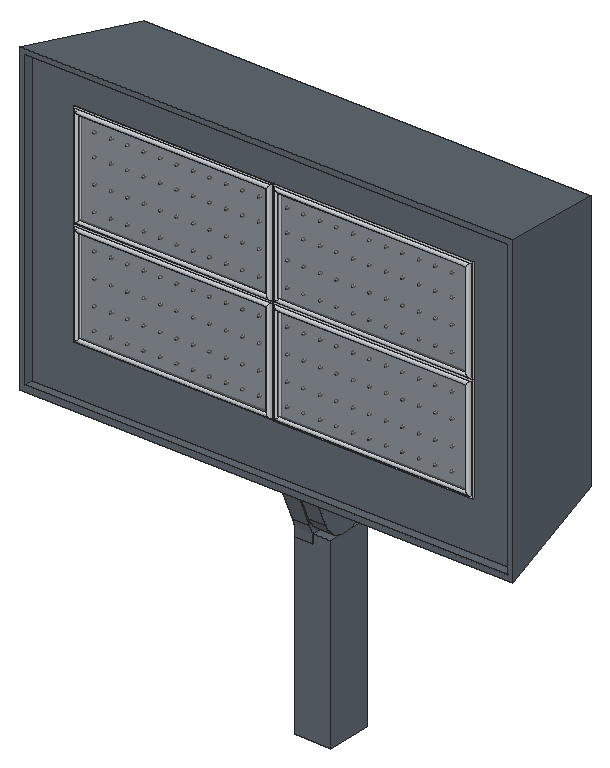
Revit family "RFL4", category Lighting Fixtures, host Face, Revit 2021 (continued)
Definition of nested family "RFL"
  Forms (in)
    Revolve 113, solid, material <- "LED_Finish"
      sketch origin (0.07668, 1.25709, 4.02928) x (0, -1, 0) y (1, 0, 0)
        loop
          arc (2.82075, -4.15296) -> (2.81024, -4.12758) -> (2.78486, -4.11707) r 0.03589
          line (2.78486, -4.11707) -> (2.73985, -4.11707) -> (2.73985, -4.15296)
        axis (2.73985, -4.15296) -> (2.82075, -4.15296)
      angle from 0 to 360
    Revolve 114, solid, material <- "LED_Finish"
      sketch origin (0.53689, 1.25709, 2.02928) x (0, -1, 0) y (1, 0, 0)
        loop
          line (2.73985, -4.15296) -> (2.82075, -4.15296)
          arc (2.82075, -4.15296) -> (2.81024, -4.12758) -> (2.78486, -4.11707) r 0.03589
          line (2.78486, -4.11707) -> (2.73985, -4.11707) -> (2.73985, -4.15296)
        axis (2.73985, -4.15296) -> (2.82075, -4.15296)
      angle from 0 to 360
    Revolve 115, solid, material <- "LED_Finish"
      sketch origin (0.53689, 1.25709, 2.65428) x (0, -1, 0) y (1, 0, 0)
        loop
          line (2.73985, -4.15296) -> (2.82075, -4.15296)
          arc (2.82075, -4.15296) -> (2.81024, -4.12758) -> (2.78486, -4.11707) r 0.03589
          line (2.78486, -4.11707) -> (2.73985, -4.11707) -> (2.73985, -4.15296)
        axis (2.73985, -4.15296) -> (2.82075, -4.15296)
      angle from 0 to 360
    Revolve 116, solid, material <- "LED_Finish"
      sketch origin (0.53689, 1.25709, 3.34178) x (0, -1, 0) y (1, 0, 0)
        loop
          line (2.73985, -4.15296) -> (2.82075, -4.15296)
          arc (2.82075, -4.15296) -> (2.81024, -4.12758) -> (2.78486, -4.11707) r 0.03589
          line (2.78486, -4.11707) -> (2.73985, -4.11707) -> (2.73985, -4.15296)
        axis (2.73985, -4.15296) -> (2.82075, -4.15296)
      angle from 0 to 360
    Revolve 117, solid, material <- "LED_Finish"
      sketch origin (0.53689, 1.25709, 4.02928) x (0, -1, 0) y (1, 0, 0)
        loop
          line (2.73985, -4.15296) -> (2.82075, -4.15296)
          arc (2.82075, -4.15296) -> (2.81024, -4.12758) -> (2.78486, -4.11707) r 0.03589
          line (2.78486, -4.11707) -> (2.73985, -4.11707) -> (2.73985, -4.15296)
        axis (2.73985, -4.15296) -> (2.82075, -4.15296)
      angle from 0 to 360
    Revolve 118, solid, material <- "LED_Finish"
      sketch origin (0.99711, 1.25709, 2.02928) x (0, -1, 0) y (1, 0, 0)
        loop
          line (2.73985, -4.15296) -> (2.82075, -4.15296)
          arc (2.82075, -4.15296) -> (2.81024, -4.12758) -> (2.78486, -4.11707) r 0.03589
          line (2.78486, -4.11707) -> (2.73985, -4.11707) -> (2.73985, -4.15296)
        axis (2.73985, -4.15296) -> (2.82075, -4.15296)
      angle from 0 to 360
    Revolve 119, solid, material <- "LED_Finish"
      sketch origin (0.99711, 1.25709, 2.65428) x (0, -1, 0) y (1, 0, 0)
        loop
          line (2.73985, -4.15296) -> (2.82075, -4.15296)
          arc (2.82075, -4.15296) -> (2.81024, -4.12758) -> (2.78486, -4.11707) r 0.03589
          line (2.78486, -4.11707) -> (2.73985, -4.11707) -> (2.73985, -4.15296)
        axis (2.73985, -4.15296) -> (2.82075, -4.15296)
      angle from 0 to 360
    Revolve 120, solid, material <- "LED_Finish"
      sketch origin (0.99711, 1.25709, 3.34178) x (0, -1, 0) y (1, 0, 0)
        loop
          line (2.73985, -4.15296) -> (2.82075, -4.15296)
          arc (2.82075, -4.15296) -> (2.81024, -4.12758) -> (2.78486, -4.11707) r 0.03589
          line (2.78486, -4.11707) -> (2.73985, -4.11707) -> (2.73985, -4.15296)
        axis (2.73985, -4.15296) -> (2.82075, -4.15296)
      angle from 0 to 360
    Revolve 121, solid, material <- "LED_Finish"
      sketch origin (0.99711, 1.25709, 4.02928) x (0, -1, 0) y (1, 0, 0)
        loop
          line (2.73985, -4.15296) -> (2.82075, -4.15296)
          arc (2.82075, -4.15296) -> (2.81024, -4.12758) -> (2.78486, -4.11707) r 0.03589
          line (2.78486, -4.11707) -> (2.73985, -4.11707) -> (2.73985, -4.15296)
        axis (2.73985, -4.15296) -> (2.82075, -4.15296)
      angle from 0 to 360
    Revolve 122, solid, material <- "LED_Finish"
      sketch origin (1.45732, 1.25709, 2.02928) x (0, -1, 0) y (1, 0, 0)
        loop
          line (2.73985, -4.15296) -> (2.82075, -4.15296)
          arc (2.82075, -4.15296) -> (2.81024, -4.12758) -> (2.78486, -4.11707) r 0.03589
          line (2.78486, -4.11707) -> (2.73985, -4.11707) -> (2.73985, -4.15296)
        axis (2.73985, -4.15296) -> (2.82075, -4.15296)
      angle from 0 to 360
    Revolve 123, solid, material <- "LED_Finish"
      sketch origin (1.45732, 1.25709, 2.65428) x (0, -1, 0) y (1, 0, 0)
        loop
          line (2.73985, -4.15296) -> (2.82075, -4.15296)
          arc (2.82075, -4.15296) -> (2.81024, -4.12758) -> (2.78486, -4.11707) r 0.03589
          line (2.78486, -4.11707) -> (2.73985, -4.11707) -> (2.73985, -4.15296)
        axis (2.73985, -4.15296) -> (2.82075, -4.15296)
      angle from 0 to 360
    Revolve 124, solid, material <- "LED_Finish"
      sketch origin (1.45732, 1.25709, 3.34178) x (0, -1, 0) y (1, 0, 0)
        loop
          line (2.73985, -4.15296) -> (2.82075, -4.15296)
          arc (2.82075, -4.15296) -> (2.81024, -4.12758) -> (2.78486, -4.11707) r 0.03589
          line (2.78486, -4.11707) -> (2.73985, -4.11707) -> (2.73985, -4.15296)
        axis (2.73985, -4.15296) -> (2.82075, -4.15296)
      angle from 0 to 360
    Revolve 125, solid, material <- "LED_Finish"
      sketch origin (1.45732, 1.25709, 4.02928) x (0, -1, 0) y (1, 0, 0)
        loop
          line (2.73985, -4.15296) -> (2.82075, -4.15296)
          arc (2.82075, -4.15296) -> (2.81024, -4.12758) -> (2.78486, -4.11707) r 0.03589
          line (2.78486, -4.11707) -> (2.73985, -4.11707) -> (2.73985, -4.15296)
        axis (2.73985, -4.15296) -> (2.82075, -4.15296)
      angle from 0 to 360
    Revolve 126, solid, material <- "LED_Finish"
      sketch origin (1.91754, 1.25709, 2.02928) x (0, -1, 0) y (1, 0, 0)
        loop
          line (2.73985, -4.15296) -> (2.82075, -4.15296)
          arc (2.82075, -4.15296) -> (2.81024, -4.12758) -> (2.78486, -4.11707) r 0.03589
          line (2.78486, -4.11707) -> (2.73985, -4.11707) -> (2.73985, -4.15296)
        axis (2.73985, -4.15296) -> (2.82075, -4.15296)
      angle from 0 to 360
    Revolve 127, solid, material <- "LED_Finish"
      sketch origin (1.91754, 1.25709, 2.65428) x (0, -1, 0) y (1, 0, 0)
        loop
          line (2.73985, -4.15296) -> (2.82075, -4.15296)
          arc (2.82075, -4.15296) -> (2.81024, -4.12758) -> (2.78486, -4.11707) r 0.03589
          line (2.78486, -4.11707) -> (2.73985, -4.11707) -> (2.73985, -4.15296)
        axis (2.73985, -4.15296) -> (2.82075, -4.15296)
      angle from 0 to 360
    Revolve 128, solid, material <- "LED_Finish"
      sketch origin (1.91754, 1.25709, 3.34178) x (0, -1, 0) y (1, 0, 0)
        loop
          line (2.73985, -4.15296) -> (2.82075, -4.15296)
          arc (2.82075, -4.15296) -> (2.81024, -4.12758) -> (2.78486, -4.11707) r 0.03589
          line (2.78486, -4.11707) -> (2.73985, -4.11707) -> (2.73985, -4.15296)
        axis (2.73985, -4.15296) -> (2.82075, -4.15296)
      angle from 0 to 360
    Revolve 129, solid, material <- "LED_Finish"
      sketch origin (1.91754, 1.25709, 4.02928) x (0, -1, 0) y (1, 0, 0)
        loop
          line (2.73985, -4.15296) -> (2.82075, -4.15296)
          arc (2.82075, -4.15296) -> (2.81024, -4.12758) -> (2.78486, -4.11707) r 0.03589
          line (2.78486, -4.11707) -> (2.73985, -4.11707) -> (2.73985, -4.15296)
        axis (2.73985, -4.15296) -> (2.82075, -4.15296)
      angle from 0 to 360
    Revolve 130, solid, material <- "LED_Finish"
      sketch origin (2.37775, 1.25709, 2.02928) x (0, -1, 0) y (1, 0, 0)
        loop
          line (2.73985, -4.15296) -> (2.82075, -4.15296)
          arc (2.82075, -4.15296) -> (2.81024, -4.12758) -> (2.78486, -4.11707) r 0.03589
          line (2.78486, -4.11707) -> (2.73985, -4.11707) -> (2.73985, -4.15296)
        axis (2.73985, -4.15296) -> (2.82075, -4.15296)
      angle from 0 to 360
    Revolve 131, solid, material <- "LED_Finish"
      sketch origin (2.37775, 1.25709, 2.65428) x (0, -1, 0) y (1, 0, 0)
        loop
          line (2.73985, -4.15296) -> (2.82075, -4.15296)
          arc (2.82075, -4.15296) -> (2.81024, -4.12758) -> (2.78486, -4.11707) r 0.03589
          line (2.78486, -4.11707) -> (2.73985, -4.11707) -> (2.73985, -4.15296)
        axis (2.73985, -4.15296) -> (2.82075, -4.15296)
      angle from 0 to 360
    Revolve 132, solid, material <- "LED_Finish"
      sketch origin (2.37775, 1.25709, 3.34178) x (0, -1, 0) y (1, 0, 0)
        loop
          line (2.73985, -4.15296) -> (2.82075, -4.15296)
          arc (2.82075, -4.15296) -> (2.81024, -4.12758) -> (2.78486, -4.11707) r 0.03589
          line (2.78486, -4.11707) -> (2.73985, -4.11707) -> (2.73985, -4.15296)
        axis (2.73985, -4.15296) -> (2.82075, -4.15296)
      angle from 0 to 360
    Revolve 133, solid, material <- "LED_Finish"
      sketch origin (2.37775, 1.25709, 4.02928) x (0, -1, 0) y (1, 0, 0)
        loop
          line (2.73985, -4.15296) -> (2.82075, -4.15296)
          arc (2.82075, -4.15296) -> (2.81024, -4.12758) -> (2.78486, -4.11707) r 0.03589
          line (2.78486, -4.11707) -> (2.73985, -4.11707) -> (2.73985, -4.15296)
        axis (2.73985, -4.15296) -> (2.82075, -4.15296)
      angle from 0 to 360
    Revolve 134, solid, material <- "LED_Finish"
      sketch origin (2.83797, 1.25709, 2.02928) x (0, -1, 0) y (1, 0, 0)
        loop
          line (2.73985, -4.15296) -> (2.82075, -4.15296)
          arc (2.82075, -4.15296) -> (2.81024, -4.12758) -> (2.78486, -4.11707) r 0.03589
          line (2.78486, -4.11707) -> (2.73985, -4.11707) -> (2.73985, -4.15296)
        axis (2.73985, -4.15296) -> (2.82075, -4.15296)
      angle from 0 to 360
    Revolve 135, solid, material <- "LED_Finish"
      sketch origin (2.83797, 1.25709, 2.65428) x (0, -1, 0) y (1, 0, 0)
        loop
          line (2.73985, -4.15296) -> (2.82075, -4.15296)
          arc (2.82075, -4.15296) -> (2.81024, -4.12758) -> (2.78486, -4.11707) r 0.03589
          line (2.78486, -4.11707) -> (2.73985, -4.11707) -> (2.73985, -4.15296)
        axis (2.73985, -4.15296) -> (2.82075, -4.15296)
      angle from 0 to 360
    Revolve 136, solid, material <- "LED_Finish"
      sketch origin (2.83797, 1.25709, 3.34178) x (0, -1, 0) y (1, 0, 0)
        loop
          line (2.73985, -4.15296) -> (2.82075, -4.15296)
          arc (2.82075, -4.15296) -> (2.81024, -4.12758) -> (2.78486, -4.11707) r 0.03589
          line (2.78486, -4.11707) -> (2.73985, -4.11707) -> (2.73985, -4.15296)
        axis (2.73985, -4.15296) -> (2.82075, -4.15296)
      angle from 0 to 360
    Revolve 137, solid, material <- "LED_Finish"
      sketch origin (2.83797, 1.25709, 4.02928) x (0, -1, 0) y (1, 0, 0)
        loop
          line (2.73985, -4.15296) -> (2.82075, -4.15296)
          arc (2.82075, -4.15296) -> (2.81024, -4.12758) -> (2.78486, -4.11707) r 0.03589
          line (2.78486, -4.11707) -> (2.73985, -4.11707) -> (2.73985, -4.15296)
        axis (2.73985, -4.15296) -> (2.82075, -4.15296)
      angle from 0 to 360
    Revolve 138, solid, material <- "LED_Finish"
      sketch origin (3.29818, 1.25709, 2.02928) x (0, -1, 0) y (1, 0, 0)
        loop
          line (2.73985, -4.15296) -> (2.82075, -4.15296)
          arc (2.82075, -4.15296) -> (2.81024, -4.12758) -> (2.78486, -4.11707) r 0.03589
          line (2.78486, -4.11707) -> (2.73985, -4.11707) -> (2.73985, -4.15296)
        axis (2.73985, -4.15296) -> (2.82075, -4.15296)
      angle from 0 to 360
    Revolve 139, solid, material <- "LED_Finish"
      sketch origin (3.29818, 1.25709, 2.65428) x (0, -1, 0) y (1, 0, 0)
        loop
          line (2.73985, -4.15296) -> (2.82075, -4.15296)
          arc (2.82075, -4.15296) -> (2.81024, -4.12758) -> (2.78486, -4.11707) r 0.03589
          line (2.78486, -4.11707) -> (2.73985, -4.11707) -> (2.73985, -4.15296)
        axis (2.73985, -4.15296) -> (2.82075, -4.15296)
      angle from 0 to 360
    Revolve 140, solid, material <- "LED_Finish"
      sketch origin (3.29818, 1.25709, 3.34178) x (0, -1, 0) y (1, 0, 0)
        loop
          line (2.73985, -4.15296) -> (2.82075, -4.15296)
          arc (2.82075, -4.15296) -> (2.81024, -4.12758) -> (2.78486, -4.11707) r 0.03589
          line (2.78486, -4.11707) -> (2.73985, -4.11707) -> (2.73985, -4.15296)
        axis (2.73985, -4.15296) -> (2.82075, -4.15296)
      angle from 0 to 360
    Revolve 141, solid, material <- "LED_Finish"
      sketch origin (3.29818, 1.25709, 4.02928) x (0, -1, 0) y (1, 0, 0)
        loop
          line (2.73985, -4.15296) -> (2.82075, -4.15296)
          arc (2.82075, -4.15296) -> (2.81024, -4.12758) -> (2.78486, -4.11707) r 0.03589
          line (2.78486, -4.11707) -> (2.73985, -4.11707) -> (2.73985, -4.15296)
        axis (2.73985, -4.15296) -> (2.82075, -4.15296)
      angle from 0 to 360
    Extrusion 142, solid, material <- "LED Base Plate"
      sketch origin (0, 0, 9.04202) x (-1, 0, 0) y (0, 0, -1)
        loop
          line (-5.41133, 4.68111) -> (-0.16904, 4.68111) -> (-0.16904, 7.32037) -> (-5.41133, 7.32037) -> (-5.41133, 4.68111)
      from 1.56737 to 1.49135
    Sweep 143, solid
      path origin (0, -1.48379, 9.04202) x (-1, 0, 0) y (0, 0, -1)
        loop
          line (-5.57144, 7.48047) -> (-5.57144, 4.52101) -> (-0.00894, 4.52101) -> (-0.00894, 7.48047) -> (-5.57144, 7.48047)
      profile origin (2.79019, -1.48379, 1.56154) x (0, 0, -1) y (0, -1, 0)
        loop
          line (0, 0) -> (0, 0.03881) -> (-0.04662, 0.03881)
          arc (-0.04662, 0.03881) -> (-0.09916, 0.10354) -> (-0.1601, 0.04666) r 0.05701
          line (-0.1601, 0.04666) -> (-0.1601, 0) -> (0, 0)
    Revolve 144, solid, material <- "LED_Finish"
      sketch origin (0.84375, 1.25709, 2.02928) x (0, 1, 0) y (-1, 0, 0)
        loop
          line (-2.73985, -4.15296) -> (-2.73985, -4.11707) -> (-2.78486, -4.11707)
          arc (-2.78486, -4.11707) -> (-2.81024, -4.12758) -> (-2.82075, -4.15296) r 0.03589
          line (-2.82075, -4.15296) -> (-2.73985, -4.15296)
        axis (-2.73985, -4.15296) -> (-2.82075, -4.15296)
      angle from 0 to 360
    Revolve 145, solid, material <- "LED_Finish"
      sketch origin (0.84375, 1.25709, 2.65428) x (0, 1, 0) y (-1, 0, 0)
        loop
          line (-2.73985, -4.15296) -> (-2.73985, -4.11707) -> (-2.78486, -4.11707)
          arc (-2.78486, -4.11707) -> (-2.81024, -4.12758) -> (-2.82075, -4.15296) r 0.03589
          line (-2.82075, -4.15296) -> (-2.73985, -4.15296)
        axis (-2.73985, -4.15296) -> (-2.82075, -4.15296)
      angle from 0 to 360
    Revolve 146, solid, material <- "LED_Finish"
      sketch origin (0.84375, 1.25709, 3.34178) x (0, 1, 0) y (-1, 0, 0)
        loop
          line (-2.73985, -4.15296) -> (-2.73985, -4.11707) -> (-2.78486, -4.11707)
          arc (-2.78486, -4.11707) -> (-2.81024, -4.12758) -> (-2.82075, -4.15296) r 0.03589
          line (-2.82075, -4.15296) -> (-2.73985, -4.15296)
        axis (-2.73985, -4.15296) -> (-2.82075, -4.15296)
      angle from 0 to 360
    Revolve 147, solid, material <- "LED_Finish"
      sketch origin (0.84375, 1.25709, 4.02928) x (0, 1, 0) y (-1, 0, 0)
        loop
          line (-2.73985, -4.15296) -> (-2.73985, -4.11707) -> (-2.78486, -4.11707)
          arc (-2.78486, -4.11707) -> (-2.81024, -4.12758) -> (-2.82075, -4.15296) r 0.03589
          line (-2.82075, -4.15296) -> (-2.73985, -4.15296)
        axis (-2.73985, -4.15296) -> (-2.82075, -4.15296)
      angle from 0 to 360
    Revolve 148, solid, material <- "LED_Finish"
      sketch origin (-3.7584, 1.25709, 2.02928) x (0, 1, 0) y (-1, 0, 0)
        loop
          line (-2.73985, -4.15296) -> (-2.73985, -4.11707) -> (-2.78486, -4.11707)
          arc (-2.78486, -4.11707) -> (-2.81024, -4.12758) -> (-2.82075, -4.15296) r 0.03589
          line (-2.82075, -4.15296) -> (-2.73985, -4.15296)
        axis (-2.73985, -4.15296) -> (-2.82075, -4.15296)
      angle from 0 to 360
    Revolve 149, solid, material <- "LED_Finish"
      sketch origin (-3.7584, 1.25709, 2.65428) x (0, 1, 0) y (-1, 0, 0)
        loop
          line (-2.73985, -4.15296) -> (-2.73985, -4.11707) -> (-2.78486, -4.11707)
          arc (-2.78486, -4.11707) -> (-2.81024, -4.12758) -> (-2.82075, -4.15296) r 0.03589
          line (-2.82075, -4.15296) -> (-2.73985, -4.15296)
        axis (-2.73985, -4.15296) -> (-2.82075, -4.15296)
      angle from 0 to 360
    Revolve 150, solid, material <- "LED_Finish"
      sketch origin (-3.7584, 1.25709, 3.34178) x (0, 1, 0) y (-1, 0, 0)
        loop
          line (-2.73985, -4.15296) -> (-2.73985, -4.11707) -> (-2.78486, -4.11707)
          arc (-2.78486, -4.11707) -> (-2.81024, -4.12758) -> (-2.82075, -4.15296) r 0.03589
          line (-2.82075, -4.15296) -> (-2.73985, -4.15296)
        axis (-2.73985, -4.15296) -> (-2.82075, -4.15296)
      angle from 0 to 360
    Revolve 151, solid, material <- "LED_Finish"
      sketch origin (-3.7584, 1.25709, 4.02928) x (0, 1, 0) y (-1, 0, 0)
        loop
          line (-2.73985, -4.15296) -> (-2.73985, -4.11707) -> (-2.78486, -4.11707)
          arc (-2.78486, -4.11707) -> (-2.81024, -4.12758) -> (-2.82075, -4.15296) r 0.03589
          line (-2.82075, -4.15296) -> (-2.73985, -4.15296)
        axis (-2.73985, -4.15296) -> (-2.82075, -4.15296)
      angle from 0 to 360
    Revolve 152, solid, material <- "LED_Finish"
      sketch origin (0.38354, 1.25709, 2.02928) x (0, 1, 0) y (-1, 0, 0)
        loop
          line (-2.73985, -4.15296) -> (-2.73985, -4.11707) -> (-2.78486, -4.11707)
          arc (-2.78486, -4.11707) -> (-2.81024, -4.12758) -> (-2.82075, -4.15296) r 0.03589
          line (-2.82075, -4.15296) -> (-2.73985, -4.15296)
        axis (-2.73985, -4.15296) -> (-2.82075, -4.15296)
      angle from 0 to 360
    Revolve 153, solid, material <- "LED_Finish"
      sketch origin (0.38354, 1.25709, 2.65428) x (0, 1, 0) y (-1, 0, 0)
        loop
          line (-2.73985, -4.15296) -> (-2.73985, -4.11707) -> (-2.78486, -4.11707)
          arc (-2.78486, -4.11707) -> (-2.81024, -4.12758) -> (-2.82075, -4.15296) r 0.03589
          line (-2.82075, -4.15296) -> (-2.73985, -4.15296)
        axis (-2.73985, -4.15296) -> (-2.82075, -4.15296)
      angle from 0 to 360
    Revolve 154, solid, material <- "LED_Finish"
      sketch origin (0.38354, 1.25709, 3.34178) x (0, 1, 0) y (-1, 0, 0)
        loop
          line (-2.73985, -4.15296) -> (-2.73985, -4.11707) -> (-2.78486, -4.11707)
          arc (-2.78486, -4.11707) -> (-2.81024, -4.12758) -> (-2.82075, -4.15296) r 0.03589
          line (-2.82075, -4.15296) -> (-2.73985, -4.15296)
        axis (-2.73985, -4.15296) -> (-2.82075, -4.15296)
      angle from 0 to 360
    Revolve 155, solid, material <- "LED_Finish"
      sketch origin (0.38354, 1.25709, 4.02928) x (0, 1, 0) y (-1, 0, 0)
        loop
          line (-2.73985, -4.15296) -> (-2.73985, -4.11707) -> (-2.78486, -4.11707)
          arc (-2.78486, -4.11707) -> (-2.81024, -4.12758) -> (-2.82075, -4.15296) r 0.03589
          line (-2.82075, -4.15296) -> (-2.73985, -4.15296)
        axis (-2.73985, -4.15296) -> (-2.82075, -4.15296)
      angle from 0 to 360
    Revolve 156, solid, material <- "LED_Finish"
      sketch origin (-0.07668, 1.25709, 2.02928) x (0, 1, 0) y (-1, 0, 0)
        loop
          line (-2.73985, -4.15296) -> (-2.73985, -4.11707) -> (-2.78486, -4.11707)
          arc (-2.78486, -4.11707) -> (-2.81024, -4.12758) -> (-2.82075, -4.15296) r 0.03589
          line (-2.82075, -4.15296) -> (-2.73985, -4.15296)
        axis (-2.73985, -4.15296) -> (-2.82075, -4.15296)
      angle from 0 to 360
    Revolve 157, solid, material <- "LED_Finish"
      sketch origin (-0.07668, 1.25709, 2.65428) x (0, 1, 0) y (-1, 0, 0)
        loop
          line (-2.73985, -4.15296) -> (-2.73985, -4.11707) -> (-2.78486, -4.11707)
          arc (-2.78486, -4.11707) -> (-2.81024, -4.12758) -> (-2.82075, -4.15296) r 0.03589
          line (-2.82075, -4.15296) -> (-2.73985, -4.15296)
        axis (-2.73985, -4.15296) -> (-2.82075, -4.15296)
      angle from 0 to 360
    Revolve 158, solid, material <- "LED_Finish"
      sketch origin (-0.07668, 1.25709, 3.34178) x (0, 1, 0) y (-1, 0, 0)
        loop
          line (-2.73985, -4.15296) -> (-2.73985, -4.11707) -> (-2.78486, -4.11707)
          arc (-2.78486, -4.11707) -> (-2.81024, -4.12758) -> (-2.82075, -4.15296) r 0.03589
          line (-2.82075, -4.15296) -> (-2.73985, -4.15296)
        axis (-2.73985, -4.15296) -> (-2.82075, -4.15296)
      angle from 0 to 360
    Revolve 159, solid, material <- "LED_Finish"
      sketch origin (-0.07668, 1.25709, 4.02928) x (0, 1, 0) y (-1, 0, 0)
        loop
          line (-2.73985, -4.15296) -> (-2.73985, -4.11707) -> (-2.78486, -4.11707)
          arc (-2.78486, -4.11707) -> (-2.81024, -4.12758) -> (-2.82075, -4.15296) r 0.03589
          line (-2.82075, -4.15296) -> (-2.73985, -4.15296)
        axis (-2.73985, -4.15296) -> (-2.82075, -4.15296)
      angle from 0 to 360
    Revolve 160, solid, material <- "LED_Finish"
      sketch origin (-0.53689, 1.25709, 2.02928) x (0, 1, 0) y (-1, 0, 0)
        loop
          line (-2.73985, -4.15296) -> (-2.73985, -4.11707) -> (-2.78486, -4.11707)
          arc (-2.78486, -4.11707) -> (-2.81024, -4.12758) -> (-2.82075, -4.15296) r 0.03589
          line (-2.82075, -4.15296) -> (-2.73985, -4.15296)
        axis (-2.73985, -4.15296) -> (-2.82075, -4.15296)
      angle from 0 to 360
    Revolve 161, solid, material <- "LED_Finish"
      sketch origin (-0.53689, 1.25709, 2.65428) x (0, 1, 0) y (-1, 0, 0)
        loop
          line (-2.73985, -4.15296) -> (-2.73985, -4.11707) -> (-2.78486, -4.11707)
          arc (-2.78486, -4.11707) -> (-2.81024, -4.12758) -> (-2.82075, -4.15296) r 0.03589
          line (-2.82075, -4.15296) -> (-2.73985, -4.15296)
        axis (-2.73985, -4.15296) -> (-2.82075, -4.15296)
      angle from 0 to 360
    Revolve 162, solid, material <- "LED_Finish"
      sketch origin (-0.53689, 1.25709, 3.34178) x (0, 1, 0) y (-1, 0, 0)
        loop
          line (-2.73985, -4.15296) -> (-2.73985, -4.11707) -> (-2.78486, -4.11707)
          arc (-2.78486, -4.11707) -> (-2.81024, -4.12758) -> (-2.82075, -4.15296) r 0.03589
          line (-2.82075, -4.15296) -> (-2.73985, -4.15296)
        axis (-2.73985, -4.15296) -> (-2.82075, -4.15296)
      angle from 0 to 360
    Revolve 163, solid, material <- "LED_Finish"
      sketch origin (-0.53689, 1.25709, 4.02928) x (0, 1, 0) y (-1, 0, 0)
        loop
          line (-2.73985, -4.15296) -> (-2.73985, -4.11707) -> (-2.78486, -4.11707)
          arc (-2.78486, -4.11707) -> (-2.81024, -4.12758) -> (-2.82075, -4.15296) r 0.03589
          line (-2.82075, -4.15296) -> (-2.73985, -4.15296)
        axis (-2.73985, -4.15296) -> (-2.82075, -4.15296)
      angle from 0 to 360
    Revolve 164, solid, material <- "LED_Finish"
      sketch origin (-0.99711, 1.25709, 2.02928) x (0, 1, 0) y (-1, 0, 0)
        loop
          line (-2.73985, -4.15296) -> (-2.73985, -4.11707) -> (-2.78486, -4.11707)
          arc (-2.78486, -4.11707) -> (-2.81024, -4.12758) -> (-2.82075, -4.15296) r 0.03589
          line (-2.82075, -4.15296) -> (-2.73985, -4.15296)
        axis (-2.73985, -4.15296) -> (-2.82075, -4.15296)
      angle from 0 to 360
    Revolve 165, solid, material <- "LED_Finish"
      sketch origin (-0.99711, 1.25709, 2.65428) x (0, 1, 0) y (-1, 0, 0)
        loop
          line (-2.73985, -4.15296) -> (-2.73985, -4.11707) -> (-2.78486, -4.11707)
          arc (-2.78486, -4.11707) -> (-2.81024, -4.12758) -> (-2.82075, -4.15296) r 0.03589
          line (-2.82075, -4.15296) -> (-2.73985, -4.15296)
        axis (-2.73985, -4.15296) -> (-2.82075, -4.15296)
      angle from 0 to 360
    Revolve 166, solid, material <- "LED_Finish"
      sketch origin (-0.99711, 1.25709, 3.34178) x (0, 1, 0) y (-1, 0, 0)
        loop
          line (-2.73985, -4.15296) -> (-2.73985, -4.11707) -> (-2.78486, -4.11707)
          arc (-2.78486, -4.11707) -> (-2.81024, -4.12758) -> (-2.82075, -4.15296) r 0.03589
          line (-2.82075, -4.15296) -> (-2.73985, -4.15296)
        axis (-2.73985, -4.15296) -> (-2.82075, -4.15296)
      angle from 0 to 360
    Revolve 167, solid, material <- "LED_Finish"
      sketch origin (-0.99711, 1.25709, 4.02928) x (0, 1, 0) y (-1, 0, 0)
        loop
          line (-2.73985, -4.15296) -> (-2.73985, -4.11707) -> (-2.78486, -4.11707)
          arc (-2.78486, -4.11707) -> (-2.81024, -4.12758) -> (-2.82075, -4.15296) r 0.03589
          line (-2.82075, -4.15296) -> (-2.73985, -4.15296)
        axis (-2.73985, -4.15296) -> (-2.82075, -4.15296)
      angle from 0 to 360
    Revolve 168, solid, material <- "LED_Finish"
      sketch origin (-1.45732, 1.25709, 2.02928) x (0, 1, 0) y (-1, 0, 0)
        loop
          line (-2.73985, -4.15296) -> (-2.73985, -4.11707) -> (-2.78486, -4.11707)
          arc (-2.78486, -4.11707) -> (-2.81024, -4.12758) -> (-2.82075, -4.15296) r 0.03589
          line (-2.82075, -4.15296) -> (-2.73985, -4.15296)
        axis (-2.73985, -4.15296) -> (-2.82075, -4.15296)
      angle from 0 to 360
    Revolve 169, solid, material <- "LED_Finish"
      sketch origin (-1.45732, 1.25709, 2.65428) x (0, 1, 0) y (-1, 0, 0)
        loop
          line (-2.73985, -4.15296) -> (-2.73985, -4.11707) -> (-2.78486, -4.11707)
          arc (-2.78486, -4.11707) -> (-2.81024, -4.12758) -> (-2.82075, -4.15296) r 0.03589
          line (-2.82075, -4.15296) -> (-2.73985, -4.15296)
        axis (-2.73985, -4.15296) -> (-2.82075, -4.15296)
      angle from 0 to 360
    Revolve 170, solid, material <- "LED_Finish"
      sketch origin (-1.45732, 1.25709, 3.34178) x (0, 1, 0) y (-1, 0, 0)
        loop
          line (-2.73985, -4.15296) -> (-2.73985, -4.11707) -> (-2.78486, -4.11707)
          arc (-2.78486, -4.11707) -> (-2.81024, -4.12758) -> (-2.82075, -4.15296) r 0.03589
          line (-2.82075, -4.15296) -> (-2.73985, -4.15296)
        axis (-2.73985, -4.15296) -> (-2.82075, -4.15296)
      angle from 0 to 360
    Revolve 171, solid, material <- "LED_Finish"
      sketch origin (-1.45732, 1.25709, 4.02928) x (0, 1, 0) y (-1, 0, 0)
        loop
          line (-2.73985, -4.15296) -> (-2.73985, -4.11707) -> (-2.78486, -4.11707)
          arc (-2.78486, -4.11707) -> (-2.81024, -4.12758) -> (-2.82075, -4.15296) r 0.03589
          line (-2.82075, -4.15296) -> (-2.73985, -4.15296)
        axis (-2.73985, -4.15296) -> (-2.82075, -4.15296)
      angle from 0 to 360
    Revolve 172, solid, material <- "LED_Finish"
      sketch origin (-1.91754, 1.25709, 2.02928) x (0, 1, 0) y (-1, 0, 0)
        loop
          line (-2.73985, -4.15296) -> (-2.73985, -4.11707) -> (-2.78486, -4.11707)
          arc (-2.78486, -4.11707) -> (-2.81024, -4.12758) -> (-2.82075, -4.15296) r 0.03589
          line (-2.82075, -4.15296) -> (-2.73985, -4.15296)
        axis (-2.73985, -4.15296) -> (-2.82075, -4.15296)
      angle from 0 to 360
    Revolve 173, solid, material <- "LED_Finish"
      sketch origin (-1.91754, 1.25709, 2.65428) x (0, 1, 0) y (-1, 0, 0)
        loop
          line (-2.73985, -4.15296) -> (-2.73985, -4.11707) -> (-2.78486, -4.11707)
          arc (-2.78486, -4.11707) -> (-2.81024, -4.12758) -> (-2.82075, -4.15296) r 0.03589
          line (-2.82075, -4.15296) -> (-2.73985, -4.15296)
        axis (-2.73985, -4.15296) -> (-2.82075, -4.15296)
      angle from 0 to 360
    Revolve 174, solid, material <- "LED_Finish"
      sketch origin (-1.91754, 1.25709, 3.34178) x (0, 1, 0) y (-1, 0, 0)
        loop
          line (-2.73985, -4.15296) -> (-2.73985, -4.11707) -> (-2.78486, -4.11707)
          arc (-2.78486, -4.11707) -> (-2.81024, -4.12758) -> (-2.82075, -4.15296) r 0.03589
          line (-2.82075, -4.15296) -> (-2.73985, -4.15296)
        axis (-2.73985, -4.15296) -> (-2.82075, -4.15296)
      angle from 0 to 360
    Revolve 175, solid, material <- "LED_Finish"
      sketch origin (-1.91754, 1.25709, 4.02928) x (0, 1, 0) y (-1, 0, 0)
        loop
          line (-2.73985, -4.15296) -> (-2.73985, -4.11707) -> (-2.78486, -4.11707)
          arc (-2.78486, -4.11707) -> (-2.81024, -4.12758) -> (-2.82075, -4.15296) r 0.03589
          line (-2.82075, -4.15296) -> (-2.73985, -4.15296)
        axis (-2.73985, -4.15296) -> (-2.82075, -4.15296)
      angle from 0 to 360
    Revolve 176, solid, material <- "LED_Finish"
      sketch origin (-2.37775, 1.25709, 2.02928) x (0, 1, 0) y (-1, 0, 0)
        loop
          line (-2.73985, -4.15296) -> (-2.73985, -4.11707) -> (-2.78486, -4.11707)
          arc (-2.78486, -4.11707) -> (-2.81024, -4.12758) -> (-2.82075, -4.15296) r 0.03589
          line (-2.82075, -4.15296) -> (-2.73985, -4.15296)
        axis (-2.73985, -4.15296) -> (-2.82075, -4.15296)
      angle from 0 to 360
    Revolve 177, solid, material <- "LED_Finish"
      sketch origin (-2.37775, 1.25709, 2.65428) x (0, 1, 0) y (-1, 0, 0)
        loop
          line (-2.73985, -4.15296) -> (-2.73985, -4.11707) -> (-2.78486, -4.11707)
          arc (-2.78486, -4.11707) -> (-2.81024, -4.12758) -> (-2.82075, -4.15296) r 0.03589
          line (-2.82075, -4.15296) -> (-2.73985, -4.15296)
        axis (-2.73985, -4.15296) -> (-2.82075, -4.15296)
      angle from 0 to 360
    Revolve 178, solid, material <- "LED_Finish"
      sketch origin (-2.37775, 1.25709, 3.34178) x (0, 1, 0) y (-1, 0, 0)
        loop
          line (-2.73985, -4.15296) -> (-2.73985, -4.11707) -> (-2.78486, -4.11707)
          arc (-2.78486, -4.11707) -> (-2.81024, -4.12758) -> (-2.82075, -4.15296) r 0.03589
          line (-2.82075, -4.15296) -> (-2.73985, -4.15296)
        axis (-2.73985, -4.15296) -> (-2.82075, -4.15296)
      angle from 0 to 360
    Revolve 179, solid, material <- "LED_Finish"
      sketch origin (-2.37775, 1.25709, 4.02928) x (0, 1, 0) y (-1, 0, 0)
        loop
          line (-2.73985, -4.15296) -> (-2.73985, -4.11707) -> (-2.78486, -4.11707)
          arc (-2.78486, -4.11707) -> (-2.81024, -4.12758) -> (-2.82075, -4.15296) r 0.03589
          line (-2.82075, -4.15296) -> (-2.73985, -4.15296)
        axis (-2.73985, -4.15296) -> (-2.82075, -4.15296)
      angle from 0 to 360
    Revolve 180, solid, material <- "LED_Finish"
      sketch origin (-2.83797, 1.25709, 2.02928) x (0, 1, 0) y (-1, 0, 0)
        loop
          line (-2.73985, -4.15296) -> (-2.73985, -4.11707) -> (-2.78486, -4.11707)
          arc (-2.78486, -4.11707) -> (-2.81024, -4.12758) -> (-2.82075, -4.15296) r 0.03589
          line (-2.82075, -4.15296) -> (-2.73985, -4.15296)
        axis (-2.73985, -4.15296) -> (-2.82075, -4.15296)
      angle from 0 to 360
    Revolve 181, solid, material <- "LED_Finish"
      sketch origin (-2.83797, 1.25709, 2.65428) x (0, 1, 0) y (-1, 0, 0)
        loop
          line (-2.73985, -4.15296) -> (-2.73985, -4.11707) -> (-2.78486, -4.11707)
          arc (-2.78486, -4.11707) -> (-2.81024, -4.12758) -> (-2.82075, -4.15296) r 0.03589
          line (-2.82075, -4.15296) -> (-2.73985, -4.15296)
        axis (-2.73985, -4.15296) -> (-2.82075, -4.15296)
      angle from 0 to 360
    Revolve 182, solid, material <- "LED_Finish"
      sketch origin (-2.83797, 1.25709, 3.34178) x (0, 1, 0) y (-1, 0, 0)
        loop
          line (-2.73985, -4.15296) -> (-2.73985, -4.11707) -> (-2.78486, -4.11707)
          arc (-2.78486, -4.11707) -> (-2.81024, -4.12758) -> (-2.82075, -4.15296) r 0.03589
          line (-2.82075, -4.15296) -> (-2.73985, -4.15296)
        axis (-2.73985, -4.15296) -> (-2.82075, -4.15296)
      angle from 0 to 360
    Revolve 183, solid, material <- "LED_Finish"
      sketch origin (-2.83797, 1.25709, 4.02928) x (0, 1, 0) y (-1, 0, 0)
        loop
          line (-2.73985, -4.15296) -> (-2.73985, -4.11707) -> (-2.78486, -4.11707)
          arc (-2.78486, -4.11707) -> (-2.81024, -4.12758) -> (-2.82075, -4.15296) r 0.03589
          line (-2.82075, -4.15296) -> (-2.73985, -4.15296)
        axis (-2.73985, -4.15296) -> (-2.82075, -4.15296)
      angle from 0 to 360
    Revolve 184, solid, material <- "LED_Finish"
      sketch origin (-3.29818, 1.25709, 2.02928) x (0, 1, 0) y (-1, 0, 0)
        loop
          line (-2.73985, -4.15296) -> (-2.73985, -4.11707) -> (-2.78486, -4.11707)
          arc (-2.78486, -4.11707) -> (-2.81024, -4.12758) -> (-2.82075, -4.15296) r 0.03589
          line (-2.82075, -4.15296) -> (-2.73985, -4.15296)
        axis (-2.73985, -4.15296) -> (-2.82075, -4.15296)
      angle from 0 to 360
    Revolve 185, solid, material <- "LED_Finish"
      sketch origin (-3.29818, 1.25709, 2.65428) x (0, 1, 0) y (-1, 0, 0)
        loop
          line (-2.73985, -4.15296) -> (-2.73985, -4.11707) -> (-2.78486, -4.11707)
          arc (-2.78486, -4.11707) -> (-2.81024, -4.12758) -> (-2.82075, -4.15296) r 0.03589
          line (-2.82075, -4.15296) -> (-2.73985, -4.15296)
        axis (-2.73985, -4.15296) -> (-2.82075, -4.15296)
      angle from 0 to 360
    Revolve 186, solid, material <- "LED_Finish"
      sketch origin (-3.29818, 1.25709, 3.34178) x (0, 1, 0) y (-1, 0, 0)
        loop
          line (-2.73985, -4.15296) -> (-2.73985, -4.11707) -> (-2.78486, -4.11707)
          arc (-2.78486, -4.11707) -> (-2.81024, -4.12758) -> (-2.82075, -4.15296) r 0.03589
          line (-2.82075, -4.15296) -> (-2.73985, -4.15296)
        axis (-2.73985, -4.15296) -> (-2.82075, -4.15296)
      angle from 0 to 360
    Revolve 187, solid, material <- "LED_Finish"
      sketch origin (-3.29818, 1.25709, 4.02928) x (0, 1, 0) y (-1, 0, 0)
        loop
          line (-2.73985, -4.15296) -> (-2.73985, -4.11707) -> (-2.78486, -4.11707)
          arc (-2.78486, -4.11707) -> (-2.81024, -4.12758) -> (-2.82075, -4.15296) r 0.03589
          line (-2.82075, -4.15296) -> (-2.73985, -4.15296)
        axis (-2.73985, -4.15296) -> (-2.82075, -4.15296)
      angle from 0 to 360
  Cuts and joins
    Extrusion 3 cuts Blend 2
  Dimensions and locks (in)
    "Length": plane 5 to plane 4
    "Width": plane 7 to plane 6
    equal spacing: plane 7, plane 1 "Center (Front/Back)", plane 6
    equal spacing: plane 5, plane 3 "Center (Left/Right)", plane 4
    plane 4 to plane 5 = 13.800"
    plane 8 to level = 8.600"
    aligned and locked: plane 2 to level
  Automatic sketch dimensions
    plane 1 "Center (Front/Back)" to Extrusion 1 sketch curve = 0.7751"
    Extrusion 1 sketch curve to Extrusion 1 sketch curve = 0.27144"
    Extrusion 1 sketch curve to Extrusion 1 sketch curve = 0.72698"
    Extrusion 1 sketch curve to Extrusion 1 sketch curve = 0.73037"
    Extrusion 1 sketch curve to Extrusion 1 sketch curve = 0.14904"
    Extrusion 1 sketch curve to Extrusion 1 sketch curve = 1.73863"
    Extrusion 1 sketch curve to Extrusion 1 sketch curve = 0.09931"
    Blend 2 sketch curve to plane 8 = 0.000"
    Blend 2 sketch curve to level = 0.000"
    Blend 2 sketch curve to plane 4 = 0.000"
    plane 5 to Blend 2 sketch curve = 0.03101"
    plane 5 to Blend 2 sketch curve = 0.650"
    Blend 2 sketch curve to plane 4 = 0.650"
    level to Blend 2 sketch curve = 0.650"
    Blend 2 sketch curve to plane 8 = 0.650"
    plane 5 to Extrusion 3 sketch curve = 0.15675"
    Extrusion 3 sketch curve to plane 4 = 0.12591"
    level to Extrusion 3 sketch curve = 0.16516"
    Extrusion 3 sketch curve to plane 8 = 0.14393"
    plane 5 to Extrusion 4 sketch curve = 1.48867"
    Extrusion 4 sketch curve to plane 3 "Center (Left/Right)" = 0.16904"
    Extrusion 4 sketch curve to plane 8 = 3.91889"
    Extrusion 4 sketch curve to plane 8 = 1.27963"
    plane 5 to Sweep 5 sketch curve = 1.32856"
    Sweep 5 sketch curve to plane 3 "Center (Left/Right)" = 0.00894"
    Sweep 5 sketch curve to plane 8 = 4.07899"
    Sweep 5 sketch curve to plane 8 = 1.11953"
    Sweep 5 sketch curve to profile plane = 0.000"
    profile plane to Sweep 5 sketch curve = 0.000"
    profile plane to Sweep 5 sketch curve = 0.04662"
    Sweep 5 sketch curve to Sweep 5 sketch curve = 0.05647"
    Sweep 5 sketch curve to Sweep 5 sketch curve = 0.05701"
    profile plane to Sweep 5 sketch curve = 0.03881"
    plane 5 to Revolve 6 sketch curve = 1.90329"
    Revolve 6 sketch curve to Revolve 6 sketch curve = 0.03589"
    plane 1 "Center (Front/Back)" to Revolve 6 sketch curve = 1.56366"
    Revolve 6 sketch curve to Revolve 6 sketch curve = 0.04501"
    Revolve 6 sketch curve to Revolve 6 sketch curve = 0.000"
    Revolve 6 sketch curve to Revolve 6 sketch curve = 0.35913"
    Revolve 6 sketch curve to Revolve 6 sketch curve = 0.26429"
    plane 5 to Revolve 7 sketch curve = 1.90329"
    Revolve 7 sketch curve to Revolve 7 sketch curve = 0.03589"
    plane 1 "Center (Front/Back)" to Revolve 7 sketch curve = 1.56366"
    Revolve 7 sketch curve to Revolve 7 sketch curve = 0.04501"
    Revolve 7 sketch curve to Revolve 7 sketch curve = 0.000"
    Revolve 7 sketch curve to Revolve 7 sketch curve = 0.35913"
    Revolve 7 sketch curve to Revolve 7 sketch curve = 0.26429"
    plane 5 to Revolve 8 sketch curve = 1.90329"
    Revolve 8 sketch curve to Revolve 8 sketch curve = 0.03589"
    plane 1 "Center (Front/Back)" to Revolve 8 sketch curve = 1.56366"
    Revolve 8 sketch curve to Revolve 8 sketch curve = 0.04501"
    Revolve 8 sketch curve to Revolve 8 sketch curve = 0.000"
    Revolve 8 sketch curve to Revolve 8 sketch curve = 0.35913"
    Revolve 8 sketch curve to Revolve 8 sketch curve = 0.26429"
    plane 5 to Revolve 9 sketch curve = 1.90329"
    Revolve 9 sketch curve to Revolve 9 sketch curve = 0.03589"
    plane 1 "Center (Front/Back)" to Revolve 9 sketch curve = 1.56366"
    Revolve 9 sketch curve to Revolve 9 sketch curve = 0.04501"
    Revolve 9 sketch curve to Revolve 9 sketch curve = 0.000"
    Revolve 9 sketch curve to Revolve 9 sketch curve = 0.35913"
    Revolve 9 sketch curve to Revolve 9 sketch curve = 0.26429"
    Revolve 10 sketch curve to plane 3 "Center (Left/Right)" = 0.39456"
    Revolve 10 sketch curve to Revolve 10 sketch curve = 0.03589"
    plane 1 "Center (Front/Back)" to Revolve 10 sketch curve = 1.56366"
    Revolve 10 sketch curve to Revolve 10 sketch curve = 0.04501"
    Revolve 10 sketch curve to Revolve 10 sketch curve = 0.000"
    Revolve 10 sketch curve to Revolve 10 sketch curve = 0.35913"
    Revolve 10 sketch curve to Revolve 10 sketch curve = 0.26429"
    Revolve 11 sketch curve to plane 3 "Center (Left/Right)" = 0.39456"
    Revolve 11 sketch curve to Revolve 11 sketch curve = 0.03589"
    plane 1 "Center (Front/Back)" to Revolve 11 sketch curve = 1.56366"
    Revolve 11 sketch curve to Revolve 11 sketch curve = 0.04501"
    Revolve 11 sketch curve to Revolve 11 sketch curve = 0.000"
    Revolve 11 sketch curve to Revolve 11 sketch curve = 0.35913"
    Revolve 11 sketch curve to Revolve 11 sketch curve = 0.26429"
    Revolve 12 sketch curve to plane 3 "Center (Left/Right)" = 0.39456"
    Revolve 12 sketch curve to Revolve 12 sketch curve = 0.03589"
    plane 1 "Center (Front/Back)" to Revolve 12 sketch curve = 1.56366"
    Revolve 12 sketch curve to Revolve 12 sketch curve = 0.04501"
    Revolve 12 sketch curve to Revolve 12 sketch curve = 0.000"
    Revolve 12 sketch curve to Revolve 12 sketch curve = 0.35913"
    Revolve 12 sketch curve to Revolve 12 sketch curve = 0.26429"
    Revolve 13 sketch curve to plane 3 "Center (Left/Right)" = 0.39456"
    Revolve 13 sketch curve to Revolve 13 sketch curve = 0.03589"
    plane 1 "Center (Front/Back)" to Revolve 13 sketch curve = 1.56366"
    Revolve 13 sketch curve to Revolve 13 sketch curve = 0.04501"
    Revolve 13 sketch curve to Revolve 13 sketch curve = 0.000"
    Revolve 13 sketch curve to Revolve 13 sketch curve = 0.35913"
    Revolve 13 sketch curve to Revolve 13 sketch curve = 0.26429"
    plane 5 to Revolve 14 sketch curve = 2.3635"
    Revolve 14 sketch curve to Revolve 14 sketch curve = 0.03589"
    plane 1 "Center (Front/Back)" to Revolve 14 sketch curve = 1.56366"
    Revolve 14 sketch curve to Revolve 14 sketch curve = 0.04501"
    Revolve 14 sketch curve to Revolve 14 sketch curve = 0.000"
    Revolve 14 sketch curve to Revolve 14 sketch curve = 0.35913"
    Revolve 14 sketch curve to Revolve 14 sketch curve = 0.26429"
    plane 5 to Revolve 15 sketch curve = 2.3635"
    Revolve 15 sketch curve to Revolve 15 sketch curve = 0.03589"
    plane 1 "Center (Front/Back)" to Revolve 15 sketch curve = 1.56366"
    Revolve 15 sketch curve to Revolve 15 sketch curve = 0.04501"
    Revolve 15 sketch curve to Revolve 15 sketch curve = 0.000"
    Revolve 15 sketch curve to Revolve 15 sketch curve = 0.35913"
    Revolve 15 sketch curve to Revolve 15 sketch curve = 0.26429"
    plane 5 to Revolve 16 sketch curve = 2.3635"
    Revolve 16 sketch curve to Revolve 16 sketch curve = 0.03589"
    plane 1 "Center (Front/Back)" to Revolve 16 sketch curve = 1.56366"
    Revolve 16 sketch curve to Revolve 16 sketch curve = 0.04501"
    Revolve 16 sketch curve to Revolve 16 sketch curve = 0.000"
    Revolve 16 sketch curve to Revolve 16 sketch curve = 0.35913"
    Revolve 16 sketch curve to Revolve 16 sketch curve = 0.26429"
    plane 5 to Revolve 17 sketch curve = 2.3635"
    Revolve 17 sketch curve to Revolve 17 sketch curve = 0.03589"
    plane 1 "Center (Front/Back)" to Revolve 17 sketch curve = 1.56366"
    Revolve 17 sketch curve to Revolve 17 sketch curve = 0.04501"
    Revolve 17 sketch curve to Revolve 17 sketch curve = 0.000"
    Revolve 17 sketch curve to Revolve 17 sketch curve = 0.35913"
    Revolve 17 sketch curve to Revolve 17 sketch curve = 0.26429"
    plane 5 to Revolve 18 sketch curve = 2.82372"
    Revolve 18 sketch curve to Revolve 18 sketch curve = 0.03589"
    plane 1 "Center (Front/Back)" to Revolve 18 sketch curve = 1.56366"
    Revolve 18 sketch curve to Revolve 18 sketch curve = 0.04501"
    Revolve 18 sketch curve to Revolve 18 sketch curve = 0.000"
    Revolve 18 sketch curve to Revolve 18 sketch curve = 0.35913"
    Revolve 18 sketch curve to Revolve 18 sketch curve = 0.26429"
    plane 5 to Revolve 19 sketch curve = 2.82372"
    Revolve 19 sketch curve to Revolve 19 sketch curve = 0.03589"
    plane 1 "Center (Front/Back)" to Revolve 19 sketch curve = 1.56366"
    Revolve 19 sketch curve to Revolve 19 sketch curve = 0.04501"
    Revolve 19 sketch curve to Revolve 19 sketch curve = 0.000"
    Revolve 19 sketch curve to Revolve 19 sketch curve = 0.35913"
    Revolve 19 sketch curve to Revolve 19 sketch curve = 0.26429"
    plane 5 to Revolve 20 sketch curve = 2.82372"
    Revolve 20 sketch curve to Revolve 20 sketch curve = 0.03589"
    plane 1 "Center (Front/Back)" to Revolve 20 sketch curve = 1.56366"
    Revolve 20 sketch curve to Revolve 20 sketch curve = 0.04501"
    Revolve 20 sketch curve to Revolve 20 sketch curve = 0.000"
    Revolve 20 sketch curve to Revolve 20 sketch curve = 0.35913"
    Revolve 20 sketch curve to Revolve 20 sketch curve = 0.26429"
    plane 5 to Revolve 21 sketch curve = 2.82372"
    Revolve 21 sketch curve to Revolve 21 sketch curve = 0.03589"
    plane 1 "Center (Front/Back)" to Revolve 21 sketch curve = 1.56366"
    Revolve 21 sketch curve to Revolve 21 sketch curve = 0.04501"
    Revolve 21 sketch curve to Revolve 21 sketch curve = 0.000"
    Revolve 21 sketch curve to Revolve 21 sketch curve = 0.35913"
    Revolve 21 sketch curve to Revolve 21 sketch curve = 0.26429"
    plane 1 "Center (Front/Back)" to Revolve 22 sketch curve = 1.48276"
    plane 5 to Revolve 22 sketch curve = 3.28393"
    Revolve 22 sketch curve to Revolve 22 sketch curve = 0.03589"
    Revolve 22 sketch curve to Revolve 22 sketch curve = 0.04501"
    Revolve 22 sketch curve to Revolve 22 sketch curve = 0.000"
    Revolve 22 sketch curve to Revolve 22 sketch curve = 0.35913"
    Revolve 22 sketch curve to Revolve 22 sketch curve = 0.26429"
    plane 1 "Center (Front/Back)" to Revolve 23 sketch curve = 1.48276"
    plane 5 to Revolve 23 sketch curve = 3.28393"
    Revolve 23 sketch curve to Revolve 23 sketch curve = 0.03589"
    Revolve 23 sketch curve to Revolve 23 sketch curve = 0.04501"
    Revolve 23 sketch curve to Revolve 23 sketch curve = 0.000"
    Revolve 23 sketch curve to Revolve 23 sketch curve = 0.35913"
    Revolve 23 sketch curve to Revolve 23 sketch curve = 0.26429"
    plane 1 "Center (Front/Back)" to Revolve 24 sketch curve = 1.48276"
    plane 5 to Revolve 24 sketch curve = 3.28393"
    Revolve 24 sketch curve to Revolve 24 sketch curve = 0.03589"
    Revolve 24 sketch curve to Revolve 24 sketch curve = 0.04501"
    Revolve 24 sketch curve to Revolve 24 sketch curve = 0.000"
    Revolve 24 sketch curve to Revolve 24 sketch curve = 0.35913"
    Revolve 24 sketch curve to Revolve 24 sketch curve = 0.26429"
    plane 1 "Center (Front/Back)" to Revolve 25 sketch curve = 1.48276"
    plane 5 to Revolve 25 sketch curve = 3.28393"
    Revolve 25 sketch curve to Revolve 25 sketch curve = 0.03589"
    Revolve 25 sketch curve to Revolve 25 sketch curve = 0.04501"
    Revolve 25 sketch curve to Revolve 25 sketch curve = 0.000"
    Revolve 25 sketch curve to Revolve 25 sketch curve = 0.35913"
    Revolve 25 sketch curve to Revolve 25 sketch curve = 0.26429"
    plane 1 "Center (Front/Back)" to Revolve 26 sketch curve = 1.48276"
    Revolve 26 sketch curve to plane 3 "Center (Left/Right)" = 3.15585"
    Revolve 26 sketch curve to Revolve 26 sketch curve = 0.03589"
    Revolve 26 sketch curve to Revolve 26 sketch curve = 0.04501"
    Revolve 26 sketch curve to Revolve 26 sketch curve = 0.000"
    Revolve 26 sketch curve to Revolve 26 sketch curve = 0.35913"
    Revolve 26 sketch curve to Revolve 26 sketch curve = 0.26429"
    plane 1 "Center (Front/Back)" to Revolve 27 sketch curve = 1.48276"
    Revolve 27 sketch curve to plane 3 "Center (Left/Right)" = 3.15585"
    Revolve 27 sketch curve to Revolve 27 sketch curve = 0.03589"
    Revolve 27 sketch curve to Revolve 27 sketch curve = 0.04501"
    Revolve 27 sketch curve to Revolve 27 sketch curve = 0.000"
    Revolve 27 sketch curve to Revolve 27 sketch curve = 0.35913"
    Revolve 27 sketch curve to Revolve 27 sketch curve = 0.26429"
    plane 1 "Center (Front/Back)" to Revolve 28 sketch curve = 1.48276"
    Revolve 28 sketch curve to plane 3 "Center (Left/Right)" = 3.15585"
    Revolve 28 sketch curve to Revolve 28 sketch curve = 0.03589"
    Revolve 28 sketch curve to Revolve 28 sketch curve = 0.04501"
    Revolve 28 sketch curve to Revolve 28 sketch curve = 0.000"
    Revolve 28 sketch curve to Revolve 28 sketch curve = 0.35913"
    Revolve 28 sketch curve to Revolve 28 sketch curve = 0.26429"
    plane 1 "Center (Front/Back)" to Revolve 29 sketch curve = 1.48276"
    Revolve 29 sketch curve to plane 3 "Center (Left/Right)" = 3.15585"
    Revolve 29 sketch curve to Revolve 29 sketch curve = 0.03589"
    Revolve 29 sketch curve to Revolve 29 sketch curve = 0.04501"
    Revolve 29 sketch curve to Revolve 29 sketch curve = 0.000"
    Revolve 29 sketch curve to Revolve 29 sketch curve = 0.35913"
    Revolve 29 sketch curve to Revolve 29 sketch curve = 0.26429"
    Revolve 30 sketch curve to plane 3 "Center (Left/Right)" = 2.69564"
    Revolve 30 sketch curve to Revolve 30 sketch curve = 0.03589"
    plane 1 "Center (Front/Back)" to Revolve 30 sketch curve = 1.56366"
    Revolve 30 sketch curve to Revolve 30 sketch curve = 0.04501"
    Revolve 30 sketch curve to Revolve 30 sketch curve = 0.000"
    Revolve 30 sketch curve to Revolve 30 sketch curve = 0.35913"
    Revolve 30 sketch curve to Revolve 30 sketch curve = 0.26429"
    Revolve 31 sketch curve to plane 3 "Center (Left/Right)" = 2.69564"
    Revolve 31 sketch curve to Revolve 31 sketch curve = 0.03589"
    plane 1 "Center (Front/Back)" to Revolve 31 sketch curve = 1.56366"
    Revolve 31 sketch curve to Revolve 31 sketch curve = 0.04501"
    Revolve 31 sketch curve to Revolve 31 sketch curve = 0.000"
    Revolve 31 sketch curve to Revolve 31 sketch curve = 0.35913"
    Revolve 31 sketch curve to Revolve 31 sketch curve = 0.26429"
    Revolve 32 sketch curve to plane 3 "Center (Left/Right)" = 2.69564"
    Revolve 32 sketch curve to Revolve 32 sketch curve = 0.03589"
    plane 1 "Center (Front/Back)" to Revolve 32 sketch curve = 1.56366"
    Revolve 32 sketch curve to Revolve 32 sketch curve = 0.04501"
    Revolve 32 sketch curve to Revolve 32 sketch curve = 0.000"
    Revolve 32 sketch curve to Revolve 32 sketch curve = 0.35913"
    Revolve 32 sketch curve to Revolve 32 sketch curve = 0.26429"
    Revolve 33 sketch curve to plane 3 "Center (Left/Right)" = 2.69564"
    Revolve 33 sketch curve to Revolve 33 sketch curve = 0.03589"
    plane 1 "Center (Front/Back)" to Revolve 33 sketch curve = 1.56366"
    Revolve 33 sketch curve to Revolve 33 sketch curve = 0.04501"
    Revolve 33 sketch curve to Revolve 33 sketch curve = 0.000"
    Revolve 33 sketch curve to Revolve 33 sketch curve = 0.35913"
    Revolve 33 sketch curve to Revolve 33 sketch curve = 0.26429"
    Revolve 34 sketch curve to plane 3 "Center (Left/Right)" = 2.23542"
    Revolve 34 sketch curve to Revolve 34 sketch curve = 0.03589"
    plane 1 "Center (Front/Back)" to Revolve 34 sketch curve = 1.56366"
    Revolve 34 sketch curve to Revolve 34 sketch curve = 0.04501"
    Revolve 34 sketch curve to Revolve 34 sketch curve = 0.000"
    Revolve 34 sketch curve to Revolve 34 sketch curve = 0.35913"
    Revolve 34 sketch curve to Revolve 34 sketch curve = 0.26429"
    Revolve 35 sketch curve to plane 3 "Center (Left/Right)" = 2.23542"
    Revolve 35 sketch curve to Revolve 35 sketch curve = 0.03589"
    plane 1 "Center (Front/Back)" to Revolve 35 sketch curve = 1.56366"
    Revolve 35 sketch curve to Revolve 35 sketch curve = 0.04501"
    Revolve 35 sketch curve to Revolve 35 sketch curve = 0.000"
    Revolve 35 sketch curve to Revolve 35 sketch curve = 0.35913"
    Revolve 35 sketch curve to Revolve 35 sketch curve = 0.26429"
    Revolve 36 sketch curve to plane 3 "Center (Left/Right)" = 2.23542"
    Revolve 36 sketch curve to Revolve 36 sketch curve = 0.03589"
    plane 1 "Center (Front/Back)" to Revolve 36 sketch curve = 1.56366"
    Revolve 36 sketch curve to Revolve 36 sketch curve = 0.04501"
    Revolve 36 sketch curve to Revolve 36 sketch curve = 0.000"
    Revolve 36 sketch curve to Revolve 36 sketch curve = 0.35913"
    Revolve 36 sketch curve to Revolve 36 sketch curve = 0.26429"
    Revolve 37 sketch curve to plane 3 "Center (Left/Right)" = 2.23542"
    Revolve 37 sketch curve to Revolve 37 sketch curve = 0.03589"
    plane 1 "Center (Front/Back)" to Revolve 37 sketch curve = 1.56366"
    Revolve 37 sketch curve to Revolve 37 sketch curve = 0.04501"
    Revolve 37 sketch curve to Revolve 37 sketch curve = 0.000"
    Revolve 37 sketch curve to Revolve 37 sketch curve = 0.35913"
    Revolve 37 sketch curve to Revolve 37 sketch curve = 0.26429"
    Revolve 38 sketch curve to plane 3 "Center (Left/Right)" = 1.77521"
    Revolve 38 sketch curve to Revolve 38 sketch curve = 0.03589"
    plane 1 "Center (Front/Back)" to Revolve 38 sketch curve = 1.56366"
    Revolve 38 sketch curve to Revolve 38 sketch curve = 0.04501"
    Revolve 38 sketch curve to Revolve 38 sketch curve = 0.000"
    Revolve 38 sketch curve to Revolve 38 sketch curve = 0.35913"
    Revolve 38 sketch curve to Revolve 38 sketch curve = 0.26429"
    Revolve 39 sketch curve to plane 3 "Center (Left/Right)" = 1.77521"
    Revolve 39 sketch curve to Revolve 39 sketch curve = 0.03589"
    plane 1 "Center (Front/Back)" to Revolve 39 sketch curve = 1.56366"
    Revolve 39 sketch curve to Revolve 39 sketch curve = 0.04501"
    Revolve 39 sketch curve to Revolve 39 sketch curve = 0.000"
    Revolve 39 sketch curve to Revolve 39 sketch curve = 0.35913"
    Revolve 39 sketch curve to Revolve 39 sketch curve = 0.26429"
    Revolve 40 sketch curve to plane 3 "Center (Left/Right)" = 1.77521"
    Revolve 40 sketch curve to Revolve 40 sketch curve = 0.03589"
    plane 1 "Center (Front/Back)" to Revolve 40 sketch curve = 1.56366"
    Revolve 40 sketch curve to Revolve 40 sketch curve = 0.04501"
    Revolve 40 sketch curve to Revolve 40 sketch curve = 0.000"
    Revolve 40 sketch curve to Revolve 40 sketch curve = 0.35913"
    Revolve 40 sketch curve to Revolve 40 sketch curve = 0.26429"
    Revolve 41 sketch curve to plane 3 "Center (Left/Right)" = 1.77521"
    Revolve 41 sketch curve to Revolve 41 sketch curve = 0.03589"
    plane 1 "Center (Front/Back)" to Revolve 41 sketch curve = 1.56366"
    Revolve 41 sketch curve to Revolve 41 sketch curve = 0.04501"
    Revolve 41 sketch curve to Revolve 41 sketch curve = 0.000"
    Revolve 41 sketch curve to Revolve 41 sketch curve = 0.35913"
    Revolve 41 sketch curve to Revolve 41 sketch curve = 0.26429"
    Revolve 42 sketch curve to plane 3 "Center (Left/Right)" = 1.31499"
    Revolve 42 sketch curve to Revolve 42 sketch curve = 0.03589"
    plane 1 "Center (Front/Back)" to Revolve 42 sketch curve = 1.56366"
    Revolve 42 sketch curve to Revolve 42 sketch curve = 0.04501"
    Revolve 42 sketch curve to Revolve 42 sketch curve = 0.000"
    Revolve 42 sketch curve to Revolve 42 sketch curve = 0.35913"
    Revolve 42 sketch curve to Revolve 42 sketch curve = 0.26429"
    Revolve 43 sketch curve to plane 3 "Center (Left/Right)" = 1.31499"
    Revolve 43 sketch curve to Revolve 43 sketch curve = 0.03589"
    plane 1 "Center (Front/Back)" to Revolve 43 sketch curve = 1.56366"
    Revolve 43 sketch curve to Revolve 43 sketch curve = 0.04501"
    Revolve 43 sketch curve to Revolve 43 sketch curve = 0.000"
    Revolve 43 sketch curve to Revolve 43 sketch curve = 0.35913"
    Revolve 43 sketch curve to Revolve 43 sketch curve = 0.26429"
    Revolve 44 sketch curve to plane 3 "Center (Left/Right)" = 1.31499"
    Revolve 44 sketch curve to Revolve 44 sketch curve = 0.03589"
    plane 1 "Center (Front/Back)" to Revolve 44 sketch curve = 1.56366"
    Revolve 44 sketch curve to Revolve 44 sketch curve = 0.04501"
    Revolve 44 sketch curve to Revolve 44 sketch curve = 0.000"
    Revolve 44 sketch curve to Revolve 44 sketch curve = 0.35913"
    Revolve 44 sketch curve to Revolve 44 sketch curve = 0.26429"
    Revolve 45 sketch curve to plane 3 "Center (Left/Right)" = 1.31499"
    Revolve 45 sketch curve to Revolve 45 sketch curve = 0.03589"
    plane 1 "Center (Front/Back)" to Revolve 45 sketch curve = 1.56366"
    Revolve 45 sketch curve to Revolve 45 sketch curve = 0.04501"
    Revolve 45 sketch curve to Revolve 45 sketch curve = 0.000"
    Revolve 45 sketch curve to Revolve 45 sketch curve = 0.35913"
    Revolve 45 sketch curve to Revolve 45 sketch curve = 0.26429"
    Revolve 46 sketch curve to plane 3 "Center (Left/Right)" = 0.85478"
    Revolve 46 sketch curve to Revolve 46 sketch curve = 0.03589"
    plane 1 "Center (Front/Back)" to Revolve 46 sketch curve = 1.56366"
    Revolve 46 sketch curve to Revolve 46 sketch curve = 0.04501"
    Revolve 46 sketch curve to Revolve 46 sketch curve = 0.000"
    Revolve 46 sketch curve to Revolve 46 sketch curve = 0.35913"
    Revolve 46 sketch curve to Revolve 46 sketch curve = 0.26429"
    Revolve 47 sketch curve to plane 3 "Center (Left/Right)" = 0.85478"
    Revolve 47 sketch curve to Revolve 47 sketch curve = 0.03589"
    plane 1 "Center (Front/Back)" to Revolve 47 sketch curve = 1.56366"
    Revolve 47 sketch curve to Revolve 47 sketch curve = 0.04501"
    Revolve 47 sketch curve to Revolve 47 sketch curve = 0.000"
    Revolve 47 sketch curve to Revolve 47 sketch curve = 0.35913"
    Revolve 47 sketch curve to Revolve 47 sketch curve = 0.26429"
    Revolve 48 sketch curve to plane 3 "Center (Left/Right)" = 0.85478"
    Revolve 48 sketch curve to Revolve 48 sketch curve = 0.03589"
    plane 1 "Center (Front/Back)" to Revolve 48 sketch curve = 1.56366"
    Revolve 48 sketch curve to Revolve 48 sketch curve = 0.04501"
    Revolve 48 sketch curve to Revolve 48 sketch curve = 0.000"
    Revolve 48 sketch curve to Revolve 48 sketch curve = 0.35913"
    Revolve 48 sketch curve to Revolve 48 sketch curve = 0.26429"
    Revolve 49 sketch curve to plane 3 "Center (Left/Right)" = 0.85478"
    Revolve 49 sketch curve to Revolve 49 sketch curve = 0.03589"
    plane 1 "Center (Front/Back)" to Revolve 49 sketch curve = 1.56366"
    Revolve 49 sketch curve to Revolve 49 sketch curve = 0.04501"
    Revolve 49 sketch curve to Revolve 49 sketch curve = 0.000"
    Revolve 49 sketch curve to Revolve 49 sketch curve = 0.35913"
    Revolve 49 sketch curve to Revolve 49 sketch curve = 0.26429"
    plane 4 to Extrusion 50 sketch curve = 1.48867"
    Extrusion 50 sketch curve to plane 3 "Center (Left/Right)" = 0.16904"
    plane 8 to Extrusion 50 sketch curve = 3.91889"
    plane 8 to Extrusion 50 sketch curve = 1.27963"
    Sweep 51 sketch curve to plane 4 = 1.32856"
    plane 3 "Center (Left/Right)" to Sweep 51 sketch curve = 0.00894"
    Sweep 51 sketch curve to plane 8 = 1.11953"
    Sweep 51 sketch curve to Sweep 51 sketch curve = 2.95947"
    Sweep 51 sketch curve to profile plane = 0.000"  (x2)
    Sweep 51 sketch curve to Sweep 51 sketch curve = 0.04662"
    Sweep 51 sketch curve to Sweep 51 sketch curve = 0.05647"
    Sweep 51 sketch curve to Sweep 51 sketch curve = 0.05701"
    profile plane to Sweep 51 sketch curve = 0.03881"
    Revolve 52 sketch curve to plane 4 = 1.90329"
